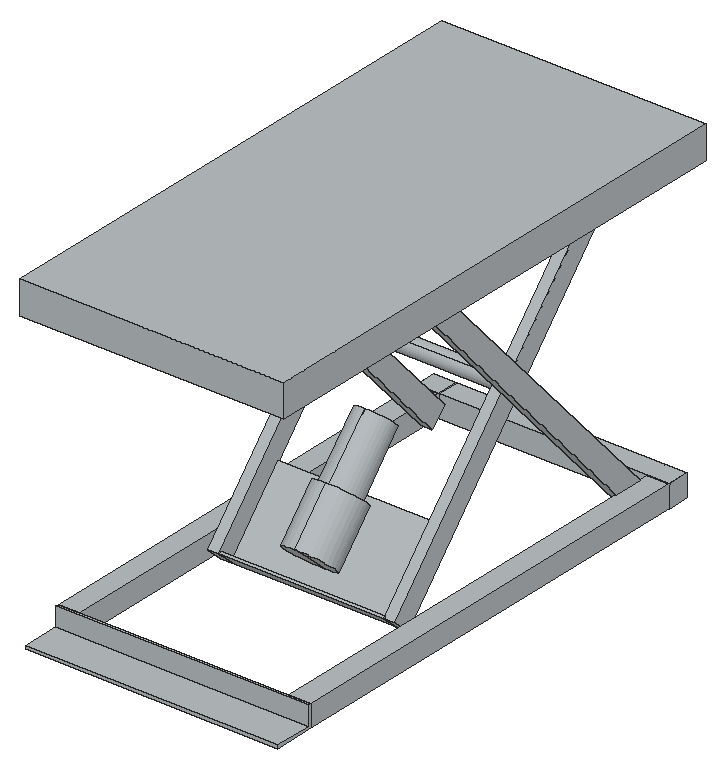
Revit family "DockEquipment_LiftTable_Pentalift_E", category Specialty Equipment, Revit 2026
Family settings
  Round Connector Dimension = Use Diameter
  Part Type = Normal
  Work Plane-Based = Yes
  Enable Cutting in Views = No
  Always vertical = No
  Cut with Voids When Loaded = No
  Maintain Annotation Orientation = No
  Shared = No
  Room Calculation Point = No
Parameters
  offset [instance] = 0' - 0"
  Warranty Duration (Years) = 0
  Unit Width = 2' - 0"
  Unit Length = 4' - 0"
  URL = "http://www.pentalift.com/index.php"
  Specification = ""
  SpecWizard = ""
  Send Message = "http://www.arcat.com/users.pl?action=UserEmail&company=Pentalift Equipment Corp.&coid=34752&rep=119&fax=519-763-2894&mf="
  Sales Information = "http://www.pentalift.com/about-us.htm"
  Revision = "R1_01-2012"
  Product Properties = ""
  Product Data = "http://www.arcat.com/arcatcos/cos34/arc34752.html"
  Platform Height [instance] = 2' - 6"
  Model = "As Specified"
  Material [instance] = Metal - Steel - Pentalift - Painted - Gray
  Manufacturer Website = "http://www.pentalift.com/index.php"
  Manufacturer Phone - Toll Free = ""
  Manufacturer Phone = "519-763-3625 "
  Manufacturer Fax = "519-763-2894"
  Manufacturer Address = "21 Nicholas Beaver Rd. Guelph, ON, Canada N1H 6H9 "
  Manufacturer = "Pentalift Equipment Corp."
  Maintenance Schedule (Months) = 0
  Keynote = "11160"
  Installation-Fabrication = ""
  Installation Phase = ""
  Green Building-LEED = ""
  Expected Lifespan (Years) = 0
  Drawn By = "Sumex Design, Inc. / Robert S. Weygant, CSI, CDT, SCIP"
  Description = "Pentalift Dock Equipment as Specified"
  Default Elevation = 4' - 0"
  Copyright = "©Arcat Inc."
  Construction Details = "http://www.arcat.com/details/pentalif/pentalif.html?coid=34752"
  Capacity (Weight) = 0.00 kip
  Assembly Code = "E1030300"
Reference planes (in)
  plane 1 "Center (Front/Back)": y = 0
  plane 2 "Bottom": z = 0
  plane 3 "Center (Left/Right)": x = 0
  plane 4 "Front": y = -24
  plane 5 "Back": y = 24
  plane 6 "Left": x = -12
  plane 7 "Right": x = 12
  plane 8 "Top": z = 30
  plane 9: x = -11.5
  plane 10: x = 11.5
  plane 11: y = 22.5
  plane 12: y = -20.25
  plane 13: z = 1.75
  plane 14: z = 27
Forms (in)
  Extrusion 1, solid, material "Metal - Steel - Pentalift - Painted - Gray" <- "Material"
    sketch origin (-38.56132, 22.5, 48) x (-1, 0, 0) y (0, 0, 1)
      loop
        line (-27.06132, -48) -> (-27.06132, -46) -> (-29.06132, -46) -> (-29.06132, -48) -> (-27.06132, -48)
      loop
        line (-50.06132, -48) -> (-48.06132, -48) -> (-48.06132, -46) -> (-50.06132, -46) -> (-50.06132, -48)
    from 0 to -42.75
  Extrusion 2, solid, material "Metal - Steel - Pentalift - Painted - Gray" <- "Material"
    sketch origin (-11.5, 55.3623, 48) x (0, 1, 0) y (0, 0, 1)
      loop
        line (-32.8623, -46) -> (-34.8623, -46) -> (-34.8623, -48) -> (-32.8623, -48) -> (-32.8623, -46)
      loop
        line (-75.6123, -46) -> (-75.8623, -46) -> (-75.8623, -47.75) -> (-79.3623, -47.75) -> (-79.3623, -48) -> (-75.6123, -48) -> (-75.6123, -46)
    from 0 to 23
  Extrusion 3, solid, material "Metal - Steel - Pentalift - Painted - Gray" <- "Material"
    sketch origin (-43.59721, -180, 30) x (-1, 0, 0) y (0, -1, 0)
      loop
        line (-31.59721, -204) -> (-31.59721, -156) -> (-55.59721, -156) -> (-55.59721, -204) -> (-31.59721, -204)
    from 0 to -3
Dimensions and locks (in)
  equal spacing: plane 6 "Left", plane 3 "Center (Left/Right)", plane 7 "Right"
  "Unit Width": plane 6 "Left" to plane 7 "Right"
  equal spacing: plane 5 "Back", plane 1 "Center (Front/Back)", plane 4 "Front"
  "Unit Length": plane 5 "Back" to plane 4 "Front"
  "Platform Height": plane 8 "Top" to level
  locked: plane 10 to plane 7 "Right" at 0.5
  locked: plane 6 "Left" to plane 9 at 0.5
  locked: plane 12 to plane 4 "Front" at 3.75
  locked: plane 5 "Back" to plane 11 at 1.5
  locked: plane 13 to level at 1.75
  locked: plane 8 "Top" to plane 14 at 3
  aligned and locked: Extrusion 1 to plane 12
  aligned and locked: plane 14 to Extrusion 3
  aligned and locked: Extrusion 2 to plane 10
  aligned and locked: plane 1 "Center (Front/Back)" to nested 1
  aligned and locked: plane 3 "Center (Left/Right)" to nested 1
Automatic sketch dimensions
  Extrusion 3 sketch curve to plane 5 "Back" = 0' - 0"
  Extrusion 3 sketch curve to plane 7 "Right" = 0' - 0"
  Extrusion 3 sketch curve to plane 4 "Front" = 0' - 0"
  Extrusion 3 sketch curve to plane 6 "Left" = 0' - 0"
  Extrusion 1 sketch curve to plane 10 = 0' - 0"
  Extrusion 1 sketch curve to level = 0' - 0"  (x2)
  Extrusion 1 sketch curve to plane 9 = 0' - 0"
  plane 13 to Extrusion 1 sketch curve = 0' - 0 1/4"  (x2)
  Extrusion 1 sketch curve to Extrusion 1 sketch curve = 0' - 2"  (x2)
  Extrusion 2 sketch curve to level = 0' - 0"  (x2)
  Extrusion 2 sketch curve to plane 4 "Front" = 0' - 0"
  Extrusion 2 sketch curve to plane 12 = 0' - 0"
  Extrusion 2 sketch curve to plane 11 = 0' - 0"
  Extrusion 2 sketch curve to plane 12 = 0' - 0 1/4"
  level to Extrusion 2 sketch curve = 0' - 0 1/4"
  plane 13 to Extrusion 2 sketch curve = 0' - 0 1/4"  (x2)
  Extrusion 2 sketch curve to Extrusion 2 sketch curve = 0' - 2"
Nested families (in)
  nested 1: "Scisor_E" at (0, 0, 0), Material <- "Material", Unit Width <- "Unit Width", Unit Length <- "Unit Length", Platform Height <- "Platform Height", type "Scisor_E"
    with offset 0' - 0", Unit Width 2' - 0", Unit Length 4' - 0", Support Angle 47.9924°, Platform Height 2' - 6", Material Metal - Steel - Pentalift - Painted - Gray
Definition of nested family "Scisor_E"
  Parameters
    offset [instance] = 0' - 0"
    Warranty Duration (Years) = 0
    Unit Width [instance] = 2' - 0"
    Unit Length [instance] = 4' - 0"
    Unit Height = 3' - 6"
    URL = "http://www.pentalift.com/index.php"
    Support Angle [instance] = asin((Platform Height - 0' 3 1/4") / 3' 0")  # 47.9924°
    Specification = ""
    SpecWizard = ""
    Send Message = "http://www.arcat.com/users.pl?action=UserEmail&company=Pentalift Equipment Corp.&coid=34752&rep=119&fax=519-763-2894&mf="
    Sales Information = "http://www.pentalift.com/about-us.htm"
    Revision = "R1_01-2012"
    Product Properties = ""
    Product Data = "http://www.arcat.com/arcatcos/cos34/arc34752.html"
    Platform Height [instance] = 2' - 6"
    Model = "As Specified"
    Material [instance] = none
    Manufacturer Website = "http://www.pentalift.com/index.php"
    Manufacturer Phone - Toll Free = ""
    Manufacturer Phone = "519-763-3625 "
    Manufacturer Fax = "519-763-2894"
    Manufacturer Address = "21 Nicholas Beaver Rd. Guelph, ON, Canada N1H 6H9 "
    Manufacturer = "Pentalift Equipment Corp."
    Maintenance Schedule (Months) = 0
    Keynote = "11160"
    Installation-Fabrication = ""
    Installation Phase = ""
    Green Building-LEED = ""
    Expected Lifespan (Years) = 0
    Drawn By = "Sumex Design, Inc. / Robert S. Weygant, CSI, CDT, SCIP"
    Description = "Pentalift Dock Equipment as Specified"
    Default Elevation = 4' - 0"
    Copyright = "©Arcat Inc."
    Construction Details = "http://www.arcat.com/details/pentalif/pentalif.html?coid=34752"
    Capacity (Weight) = 0.00 kip
    Assembly Code = "E1030300"
  Reference planes (in)
    plane 1 "Center (Front/Back)": y = 0
    plane 2 "Bottom": z = 0
    plane 3 "Center (Left/Right)": x = 0
    plane 4 "Front": y = -24
    plane 5 "Back": y = 24
    plane 6 "Left": x = -12
    plane 7 "Right": x = 12
    plane 8 "Top": z = 30
    plane 9: x = -9.5
    plane 10: x = 9.5
    plane 11: y = 20.25
    plane 12: y = -20.25
    plane 13: z = 1.75
    plane 14: y = 18.5
    plane 15: z = 28.5
  Forms (in)
    Extrusion 1, solid, material <- "Material"
      sketch origin (0, 18.5, 1.75) x (0, -0.66923, 0.743056) y (0, -0.743056, -0.66923)
        loop
          line (37, -1) -> (37, 1) -> (-1, 1) -> (-1, -1) -> (37, -1)
      from -9.5 to -8.5
    Extrusion 2, solid, material <- "Material"
      sketch origin (0, 18.5, 28.5) x (0, -0.66923, -0.743056) y (0, 0.743056, -0.66923)
        loop
          line (36.99548, -1) -> (36.99548, 1) -> (-1.00452, 1) -> (-1.00452, -1) -> (36.99548, -1)
      from -8.5 to -7.5
    Extrusion 3, solid, material <- "Material"
      sketch origin (0, 18.5, 28.5) x (0, -0.66923, -0.743056) y (0, 0.743056, -0.66923)
        loop
          line (36.99548, -1) -> (36.99548, 1) -> (-1.00452, 1) -> (-1.00452, -1) -> (36.99548, -1)
      from 7.5 to 8.5
    Extrusion 4, solid, material <- "Material"
      sketch origin (0, 18.5, 1.75) x (0, -0.66923, 0.743056) y (0, -0.743056, -0.66923)
        loop
          line (37, -1) -> (37, 1) -> (-1, 1) -> (-1, -1) -> (37, -1)
      from 8.5 to 9.5
    Extrusion 5, solid, material <- "Material"
      sketch origin (0, 23.26519, 32.94132) x (0, -0.66923, -0.743056) y (0, 0.743056, -0.66923)
        loop
          line (43.48463, 0.43147) -> (35.48463, 0.43147) -> (35.50843, 0.18147) -> (43.23463, 0.18147) -> (43.23463, -1.56798) -> (43.48463, -1.56798) -> (43.48463, 0.43147)
      from -7.5 to 7.5
    Extrusion 6, solid, material <- "Material"
      sketch origin (0, 20.99936, 1.8067) x (0, -0.66923, 0.743056) y (0, -0.743056, -0.66923)
        loop
          circle (19.63051, 1.89511) r 0.75
      from -7.5 to 7.5
    Revolve 7, solid, material <- "Material"
      sketch origin (0, 19.249, 27.82542) x (0, -0.66923, -0.743056) y (0, 0.743056, -0.66923)
        loop
          line (23.74499, -2.508) -> (34.99499, -2.508) -> (34.99499, -0.258) -> (29.74499, -0.258) -> (29.74499, -0.758) -> (23.74499, -0.758) -> (23.74499, -2.508)
        axis (23.74499, -2.508) -> (34.99499, -2.508)
      angle from 0 to 360
  Lines and regions (in)
    reference lines
      curve 1: line (0, 18.5, 28.5) -> (0, -43.06914, -39.86111)
      curve 2: line (0, 18.5, 1.75) -> (0, -49.76143, 77.54167)
  Dimensions and locks (in)
    equal spacing: plane 6 "Left", plane 3 "Center (Left/Right)", plane 7 "Right"
    "Unit Width": plane 6 "Left" to plane 7 "Right"
    equal spacing: plane 5 "Back", plane 1 "Center (Front/Back)", plane 4 "Front"
    "Unit Length": plane 5 "Back" to plane 4 "Front"
    "Platform Height": plane 8 "Top" to level
    locked: plane 10 to plane 7 "Right" at 2.5
    locked: plane 6 "Left" to plane 9 at 2.5
    locked: plane 12 to plane 4 "Front" at 3.75
    locked: plane 5 "Back" to plane 11 at 3.75
    locked: plane 13 to level at 1.75
    locked: plane 11 to plane 14 at 1.75
    locked: plane 8 "Top" to plane 15 at 1.5
    Extrusion 2 to Extrusion 2 to Extrusion 1 to Extrusion 1 to plane 9 = 0' - 1" locked, 0' - 0" locked, 0' - 1" locked, 0' - 0" locked
    Extrusion 3 to Extrusion 3 to Extrusion 4 to Extrusion 4 to plane 10 = 0' - 1" locked, 0' - 0" locked, 0' - 1" locked, 0' - 0" locked
    locked: plane 10 to Extrusion 5 at 2
    locked: plane 9 to Extrusion 5 at 2
    locked: plane 9 to Extrusion 6 at 2
    locked: plane 10 to Extrusion 6 at 2
    "Support Angle": angle curve 1 to plane 15
    "Support Angle": angle plane 13 to curve 2
  Automatic sketch dimensions
    curve 2 to plane 13 = 0' - 0"
    curve 2 to plane 14 = 0' - 0"
    curve 1 to plane 14 = 0' - 0"
    curve 1 to plane 15 = 0' - 0"
    Extrusion 1 sketch curve to curve 2 = 0' - 1"  (x2)
    curve 2 to Extrusion 1 sketch curve = 0' - 1"
    curve 2 to Extrusion 1 sketch curve = 3' - 1"
    Extrusion 4 sketch curve to curve 2 = 0' - 1"  (x2)
    curve 2 to Extrusion 4 sketch curve = 3' - 1"
    curve 2 to Extrusion 4 sketch curve = 0' - 1"
    Extrusion 3 sketch curve to curve 1 = 0' - 1.00452"
    Extrusion 3 sketch curve to curve 1 = 0' - 1"  (x2)
    curve 1 to Extrusion 3 sketch curve = 3' - 0.99548"
    Extrusion 2 sketch curve to curve 1 = 0' - 1.00452"
    curve 1 to Extrusion 2 sketch curve = 3' - 0.99548"
    Extrusion 2 sketch curve to curve 1 = 0' - 1"
    curve 1 to Extrusion 2 sketch curve = 0' - 1"
    Extrusion 5 sketch curve to curve 1 = 0' - 1"
    curve 1 to Extrusion 5 sketch curve = 2' - 4.99548"
    Extrusion 5 sketch curve to curve 1 = 0' - 0 3/4"
    Extrusion 5 sketch curve to Extrusion 5 sketch curve = 0' - 0.0238"
    Extrusion 5 sketch curve to Extrusion 5 sketch curve = 0' - 7.7262"
    Extrusion 5 sketch curve to Extrusion 5 sketch curve = 0' - 0 1/4"
    curve 1 to Extrusion 5 sketch curve = 0' - 0.99945"
    Extrusion 6 sketch curve to curve 2 = 0' - 0"
    curve 2 to Extrusion 6 sketch curve = 1' - 6"
    curve 1 to Revolve 7 sketch curve = 0' - 1 1/2"
    curve 1 to Revolve 7 sketch curve = 1' - 10.24499"
    Revolve 7 sketch curve to Revolve 7 sketch curve = 0' - 1 1/2"  (x2)
    Revolve 7 sketch curve to curve 1 = 0' - 0 3/4"
    Revolve 7 sketch curve to Revolve 7 sketch curve = 0' - 6"
    Revolve 7 sketch curve to Revolve 7 sketch curve = 0' - 5 1/4"
    Revolve 7 sketch curve to Revolve 7 sketch curve = 0' - 0"
    Revolve 7 sketch curve to curve 1 = 0' - 0 1/4"
    radius of Extrusion 6 sketch curve = 0' - 0 3/4"
